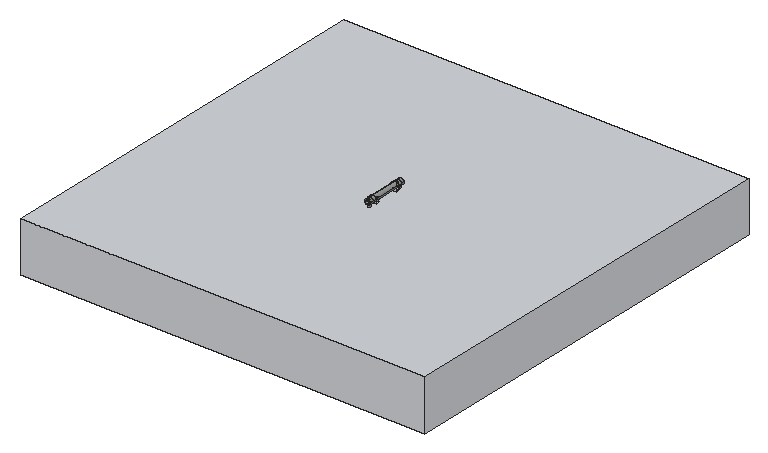
Revit family "L-line A 0.25", category Осветительные приборы, Revit 2017 (continued)
Types (6, lengths in mm): name | Расстояние от светильника до поверхности | Wattage | built-in parameter 1150134 | Файл фотометрической сетки | built-in parameter 1150142 | built-in parameter 1150105 | Lumens | built-in parameter 1150107 | built-in parameter 1150106 | Артикул
  L-line A 0.25 3.0 Д (матовый) | 55.991 | 5.14333 W | (empty or 0) | "L-line A 0.25-7-D-3.0K-03.ies" | "IESNA:LM-63-1995\r\n[TEST]LEDEL\r\n[DATA]28.10.2017\r\n[MANUFAC]LEDEL\r\n[LUMCAT]L-line A 0.25/7/Д/3.0K/03\r\n[LUMINAIRE]Предназначен  для  архитектурной и декоративной  подсветки\r\n[LAMPCAT]LED\r\n[LAMP]OSRAM DURIS \r\nTILT=NONE\r\n\r\n\r\n1 764  0.2761113118901  37 19 1 2 0.25 0.042 0.043\r\n\r\n1 1 7.2\r\n\r\n 0 2.5 5 7.5 10 12.5 15 17.5 20 22.5 25 27.5 30 32.5 35 37.5 40 42.5 45 47.5\r\n 50 52.5 55 57.5 60 62.5 65 67.5 70 72.5 75 77.5 80 82.5 85 87.5 90\r\n\r\n  0 10 20 30 40 50 60 70 80 90 100 110 120 130 140 150\r\n  160 170 180\r\n\r\n  819 818 817 812 806 800 789 778 765 751 734 717 699 679 658\r\n  637 616 591 568 544 521 496 469 446 421 396 372 347 324 300\r\n  277 257 234 216 195 177 160\r\n  819 819 817 812 810 803 795 787 775 765 754 740 726 711 696\r\n  679 663 643 626 607 586 567 548 529 511 491 469 446 422 400\r\n  378 355 337 317 299 281 263\r\n  808 806 806 803 797 792 784 776 765 755 742 729 714 700 683\r\n  667 649 630 611 591 570 551 528 509 487 468 447 425 403 384\r\n  362 343 321 303 283 264 248\r\n  800 800 797 795 789 784 774 764 755 743 729 715 700 681 665\r\n  647 629 609 586 566 547 526 507 484 466 444 422 402 381 360\r\n  338 319 299 280 263 244 229\r\n  811 811 809 804 799 793 783 773 762 748 734 719 702 685 666\r\n  644 625 602 582 560 536 515 492 466 445 421 400 378 354 333\r\n  312 292 271 251 232 215 198\r\n  819 818 817 812 806 800 789 778 765 751 734 717 699 679 658\r\n  637 616 591 568 544 521 496 469 446 421 396 372 347 324 300\r\n  277 257 234 216 195 177 160\r\n  820 819 818 812 806 800 789 778 764 748 732 714 693 674 652\r\n  629 606 578 556 528 502 477 450 422 395 368 340 313 288 263\r\n  238 214 192 172 151 135 118\r\n  822 821 820 815 809 800 789 777 762 747 729 710 690 667 645\r\n  621 595 567 540 514 485 459 429 402 371 344 313 283 255 226\r\n  200 175 151 128 108 91 76\r\n  825 821 820 815 809 800 788 775 761 745 727 706 685 663 639\r\n  614 588 561 533 504 471 438 410 378 348 317 288 255 224 193\r\n  163 133 107 84 64 46 35\r\n  820 821 818 814 806 797 786 774 759 743 723 705 685 659 636\r\n  610 584 557 527 500 469 441 412 381 351 319 287 253 217 185\r\n  152 120 90 63 39 22 14\r\n  825 822 819 812 805 796 785 771 754 737 720 700 679 655 630\r\n  606 578 552 525 496 469 438 410 379 347 316 285 252 222 189\r\n  159 129 103 80 60 42 31\r\n  822 821 817 811 806 796 786 773 756 739 722 701 682 659 635\r\n  611 586 559 533 504 477 448 419 390 360 330 300 271 241 216\r\n  188 162 138 118 99 83 66\r\n  820 819 815 810 803 795 784 771 756 740 723 707 688 665 642\r\n  619 597 572 545 518 493 466 438 411 383 355 329 301 274 250\r\n  225 203 181 161 141 126 109\r\n  819 818 814 810 803 795 786 773 759 746 731 714 694 674 655\r\n  633 611 587 563 540 515 488 463 437 412 386 362 338 313 289\r\n  267 247 225 206 187 169 152\r\n  811 811 806 802 795 788 779 770 756 743 729 713 696 677 658\r\n  638 617 595 573 550 528 504 480 458 433 411 387 364 343 320\r\n  299 279 258 240 222 203 186\r\n  800 800 800 795 787 780 773 765 756 741 723 708 693 677 658\r\n  641 619 599 579 558 536 515 493 472 452 429 408 386 367 345\r\n  324 306 288 267 249 231 215\r\n  808 807 805 803 797 789 783 774 764 753 739 727 712 697 680\r\n  660 642 623 604 584 562 541 521 499 477 455 435 413 393 373\r\n  353 332 313 292 274 257 240\r\n  819 819 817 812 810 803 795 786 774 763 753 739 726 708 693\r\n  675 658 641 620 601 583 562 540 519 499 477 454 435 413 390\r\n  370 349 329 311 294 274 256\r\n  819 818 814 810 803 795 786 773 759 746 731 714 694 674 655\r\n  633 611 587 563 540 515 488 463 437 412 386 362 338 313 289\r\n  267 247 225 206 187 169 152\r\n\r\n" | 60.797 (stored number, unit not read) | 764 lm | 3000 (stored number, unit not read) | 0.60797 (stored number, unit not read) | "711100700833100"
  L-line A 0.25 4.0 Д (матовый) | 55.991 | 5.14333 W | 12 | "L-line A 0.25-7-D-4.0K-03.ies" | "IESNA:LM-63-1995\r\n[TEST]LEDEL\r\n[DATA]28.10.2017\r\n[MANUFAC]LEDEL\r\n[LUMCAT]L-line A 0.25/7/Д/3.0K/03\r\n[LUMINAIRE]Предназначен  для  архитектурной и декоративной  подсветки\r\n[LAMPCAT]LED\r\n[LAMP]OSRAM DURIS \r\nTILT=NONE\r\n\r\n\r\n1 764  0.2761113118901  37 19 1 2 0.25 0.042 0.043\r\n\r\n1 1 7.2\r\n\r\n 0 2.5 5 7.5 10 12.5 15 17.5 20 22.5 25 27.5 30 32.5 35 37.5 40 42.5 45 47.5\r\n 50 52.5 55 57.5 60 62.5 65 67.5 70 72.5 75 77.5 80 82.5 85 87.5 90\r\n\r\n  0 10 20 30 40 50 60 70 80 90 100 110 120 130 140 150\r\n  160 170 180\r\n\r\n  819 818 817 812 806 800 789 778 765 751 734 717 699 679 658\r\n  637 616 591 568 544 521 496 469 446 421 396 372 347 324 300\r\n  277 257 234 216 195 177 160\r\n  819 819 817 812 810 803 795 787 775 765 754 740 726 711 696\r\n  679 663 643 626 607 586 567 548 529 511 491 469 446 422 400\r\n  378 355 337 317 299 281 263\r\n  808 806 806 803 797 792 784 776 765 755 742 729 714 700 683\r\n  667 649 630 611 591 570 551 528 509 487 468 447 425 403 384\r\n  362 343 321 303 283 264 248\r\n  800 800 797 795 789 784 774 764 755 743 729 715 700 681 665\r\n  647 629 609 586 566 547 526 507 484 466 444 422 402 381 360\r\n  338 319 299 280 263 244 229\r\n  811 811 809 804 799 793 783 773 762 748 734 719 702 685 666\r\n  644 625 602 582 560 536 515 492 466 445 421 400 378 354 333\r\n  312 292 271 251 232 215 198\r\n  819 818 817 812 806 800 789 778 765 751 734 717 699 679 658\r\n  637 616 591 568 544 521 496 469 446 421 396 372 347 324 300\r\n  277 257 234 216 195 177 160\r\n  820 819 818 812 806 800 789 778 764 748 732 714 693 674 652\r\n  629 606 578 556 528 502 477 450 422 395 368 340 313 288 263\r\n  238 214 192 172 151 135 118\r\n  822 821 820 815 809 800 789 777 762 747 729 710 690 667 645\r\n  621 595 567 540 514 485 459 429 402 371 344 313 283 255 226\r\n  200 175 151 128 108 91 76\r\n  825 821 820 815 809 800 788 775 761 745 727 706 685 663 639\r\n  614 588 561 533 504 471 438 410 378 348 317 288 255 224 193\r\n  163 133 107 84 64 46 35\r\n  820 821 818 814 806 797 786 774 759 743 723 705 685 659 636\r\n  610 584 557 527 500 469 441 412 381 351 319 287 253 217 185\r\n  152 120 90 63 39 22 14\r\n  825 822 819 812 805 796 785 771 754 737 720 700 679 655 630\r\n  606 578 552 525 496 469 438 410 379 347 316 285 252 222 189\r\n  159 129 103 80 60 42 31\r\n  822 821 817 811 806 796 786 773 756 739 722 701 682 659 635\r\n  611 586 559 533 504 477 448 419 390 360 330 300 271 241 216\r\n  188 162 138 118 99 83 66\r\n  820 819 815 810 803 795 784 771 756 740 723 707 688 665 642\r\n  619 597 572 545 518 493 466 438 411 383 355 329 301 274 250\r\n  225 203 181 161 141 126 109\r\n  819 818 814 810 803 795 786 773 759 746 731 714 694 674 655\r\n  633 611 587 563 540 515 488 463 437 412 386 362 338 313 289\r\n  267 247 225 206 187 169 152\r\n  811 811 806 802 795 788 779 770 756 743 729 713 696 677 658\r\n  638 617 595 573 550 528 504 480 458 433 411 387 364 343 320\r\n  299 279 258 240 222 203 186\r\n  800 800 800 795 787 780 773 765 756 741 723 708 693 677 658\r\n  641 619 599 579 558 536 515 493 472 452 429 408 386 367 345\r\n  324 306 288 267 249 231 215\r\n  808 807 805 803 797 789 783 774 764 753 739 727 712 697 680\r\n  660 642 623 604 584 562 541 521 499 477 455 435 413 393 373\r\n  353 332 313 292 274 257 240\r\n  819 819 817 812 810 803 795 786 774 763 753 739 726 708 693\r\n  675 658 641 620 601 583 562 540 519 499 477 454 435 413 390\r\n  370 349 329 311 294 274 256\r\n  819 818 814 810 803 795 786 773 759 746 731 714 694 674 655\r\n  633 611 587 563 540 515 488 463 437 412 386 362 338 313 289\r\n  267 247 225 206 187 169 152\r\n\r\n" | 60.797 (stored number, unit not read) | 764 lm | 4000 (stored number, unit not read) | 0.60797 (stored number, unit not read) | "711100700843100"
  L-line A 0.25 5.0 Д (матовый) | 200 | 5.14333 W | 2 | "L-line A 0.25-7-D-5.0K-03.ies" | "IESNA:LM-63-1995\r\n[TEST]LEDEL\r\n[DATA]28.10.2017\r\n[MANUFAC]LEDEL\r\n[LUMCAT]L-line A 0.25/7/Д/5.0K/03\r\n[LUMINAIRE]Предназначен  для  архитектурной и декоративной  подсветки\r\n[LAMPCAT]LED\r\n[LAMP]OSRAM DURIS \r\nTILT=NONE\r\n\r\n\r\n1 764  0.2761113118901  37 19 1 2 0.25 0.042 0.043\r\n\r\n1 1 7.2\r\n\r\n 0 2.5 5 7.5 10 12.5 15 17.5 20 22.5 25 27.5 30 32.5 35 37.5 40 42.5 45 47.5\r\n 50 52.5 55 57.5 60 62.5 65 67.5 70 72.5 75 77.5 80 82.5 85 87.5 90\r\n\r\n  0 10 20 30 40 50 60 70 80 90 100 110 120 130 140 150\r\n  160 170 180\r\n\r\n  819 818 817 812 806 800 789 778 765 751 734 717 699 679 658\r\n  637 616 591 568 544 521 496 469 446 421 396 372 347 324 300\r\n  277 257 234 216 195 177 160\r\n  819 819 817 812 810 803 795 787 775 765 754 740 726 711 696\r\n  679 663 643 626 607 586 567 548 529 511 491 469 446 422 400\r\n  378 355 337 317 299 281 263\r\n  808 806 806 803 797 792 784 776 765 755 742 729 714 700 683\r\n  667 649 630 611 591 570 551 528 509 487 468 447 425 403 384\r\n  362 343 321 303 283 264 248\r\n  800 800 797 795 789 784 774 764 755 743 729 715 700 681 665\r\n  647 629 609 586 566 547 526 507 484 466 444 422 402 381 360\r\n  338 319 299 280 263 244 229\r\n  811 811 809 804 799 793 783 773 762 748 734 719 702 685 666\r\n  644 625 602 582 560 536 515 492 466 445 421 400 378 354 333\r\n  312 292 271 251 232 215 198\r\n  819 818 817 812 806 800 789 778 765 751 734 717 699 679 658\r\n  637 616 591 568 544 521 496 469 446 421 396 372 347 324 300\r\n  277 257 234 216 195 177 160\r\n  820 819 818 812 806 800 789 778 764 748 732 714 693 674 652\r\n  629 606 578 556 528 502 477 450 422 395 368 340 313 288 263\r\n  238 214 192 172 151 135 118\r\n  822 821 820 815 809 800 789 777 762 747 729 710 690 667 645\r\n  621 595 567 540 514 485 459 429 402 371 344 313 283 255 226\r\n  200 175 151 128 108 91 76\r\n  825 821 820 815 809 800 788 775 761 745 727 706 685 663 639\r\n  614 588 561 533 504 471 438 410 378 348 317 288 255 224 193\r\n  163 133 107 84 64 46 35\r\n  820 821 818 814 806 797 786 774 759 743 723 705 685 659 636\r\n  610 584 557 527 500 469 441 412 381 351 319 287 253 217 185\r\n  152 120 90 63 39 22 14\r\n  825 822 819 812 805 796 785 771 754 737 720 700 679 655 630\r\n  606 578 552 525 496 469 438 410 379 347 316 285 252 222 189\r\n  159 129 103 80 60 42 31\r\n  822 821 817 811 806 796 786 773 756 739 722 701 682 659 635\r\n  611 586 559 533 504 477 448 419 390 360 330 300 271 241 216\r\n  188 162 138 118 99 83 66\r\n  820 819 815 810 803 795 784 771 756 740 723 707 688 665 642\r\n  619 597 572 545 518 493 466 438 411 383 355 329 301 274 250\r\n  225 203 181 161 141 126 109\r\n  819 818 814 810 803 795 786 773 759 746 731 714 694 674 655\r\n  633 611 587 563 540 515 488 463 437 412 386 362 338 313 289\r\n  267 247 225 206 187 169 152\r\n  811 811 806 802 795 788 779 770 756 743 729 713 696 677 658\r\n  638 617 595 573 550 528 504 480 458 433 411 387 364 343 320\r\n  299 279 258 240 222 203 186\r\n  800 800 800 795 787 780 773 765 756 741 723 708 693 677 658\r\n  641 619 599 579 558 536 515 493 472 452 429 408 386 367 345\r\n  324 306 288 267 249 231 215\r\n  808 807 805 803 797 789 783 774 764 753 739 727 712 697 680\r\n  660 642 623 604 584 562 541 521 499 477 455 435 413 393 373\r\n  353 332 313 292 274 257 240\r\n  819 819 817 812 810 803 795 786 774 763 753 739 726 708 693\r\n  675 658 641 620 601 583 562 540 519 499 477 454 435 413 390\r\n  370 349 329 311 294 274 256\r\n  819 818 814 810 803 795 786 773 759 746 731 714 694 674 655\r\n  633 611 587 563 540 515 488 463 437 412 386 362 338 313 289\r\n  267 247 225 206 187 169 152\r\n\r\n" | 60.797 (stored number, unit not read) | 764 lm | 5000 (stored number, unit not read) | 0.60797 (stored number, unit not read) | "711100700853100"
